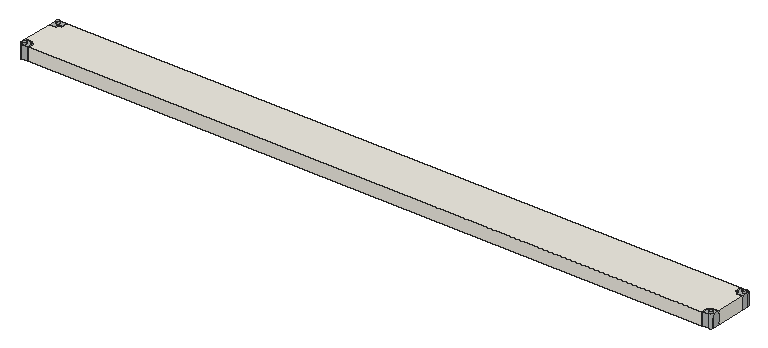
Revit family "HIGHTECH", category Осветительные приборы, Revit 2019 (continued)
Types (32, lengths in mm): name | Файл фотометрической сетки | built-in parameter 1150105 | Lumens | built-in parameter 1150106 | built-in parameter 1150142 | Wattage | Emit from Rectangle Width | Emit from Rectangle Length | Длина | Ширина | ADSK_Ток | ADSK_Полная мощность | ADSK_Обозначение | ADSK_Номинальная мощность | ADSK_Наименование | ADSK_Масса | ADSK_Код изделия
  Hightech-38/opal-sand 160х1195 (IP54, 4000К, белый) c БАП на 1 час | "Светильник HIGHTECH-38 OPAL-SAND-(160x1195).IES" | 262.61 (stored number, unit not read) | 3300 lm | 2.6261 (stored number, unit not read) | "IESNA:LM-63-95\r\n[TEST] Протокол № 50-4\r\n[DATA] 08.06.2016\r\n[MORE] \r\n[MANUFAC] ЗАО \"Центрстройсвет\"\r\n[LUMCAT]  Светильник HIGHTECH-38/OPAL-SAND-(160x1195)\r\n[LUMINAIRE]\r\n[LAMPCAT] Светодиоды\r\n[LAMP] Поток источника света (светодиодов) не известен\r\n[MORE] КСС приведена в абсолютных величинах кд\r\n[MORE] Вместо потока лампы, указан поток светильника.\r\nTILT=NONE\r\n1    3290 1.0 37 73 1 2 0.16 1.195 0.04\r\n1.0 1.0 37.0\r\n0.0 5.0 10.0 15.0 20.0 25.0 30.0 35.0 40.0 45.0 50.0 55.0 60.0 65.0 70.0 75.0 80.0 85.0 90.0 95.0 100.0 105.0 110.0 115.0 120.0 125.0 130.0 135.0 140.0 145.0 150.0 155.0 160.0 165.0 170.0 175.0 180.0\r\n0.0 5.0 10.0 15.0 20.0 25.0 30.0 35.0 40.0 45.0 50.0 55.0 60.0 65.0 70.0 75.0 80.0 85.0 90.0 95.0 100.0 105.0 110.0 115.0 120.0 125.0 130.0 135.0 140.0 145.0 150.0 155.0 160.0 165.0 170.0 175.0 180.0 185.0 190.0 195.0 200.0 205.0 210.0 215.0 220.0 225.0 230.0 235.0 240.0 245.0 250.0 255.0 260.0 265.0 270.0 275.0 280.0 285.0 290.0 295.0 300.0 305.0 310.0 315.0 320.0 325.0 330.0 335.0 340.0 345.0 350.0 355.0 360.0\r\n1253.2 1246.2 1227.5 1186.2 1134.3 1080.2 1008.5 929.2 845.7 758.1 667.9 573.0 479.1 384.2 290.6 200.4 117.7 47.8 2.1 0.0 0.0 0.0 0.0 0.0 0.0 0.0 0.0 0.0 0.0 0.0 0.0 0.0 0.0 0.0 0.0 0.0 0.0\r\n1253.2 1247.0 1225.7 1188.1 1138.8 1075.1 1004.9 931.9 847.2 757.9 668.1 572.7 477.5 384.0 290.6 200.6 118.4 47.9 2.2 0.0 0.0 0.0 0.0 0.0 0.0 0.0 0.0 0.0 0.0 0.0 0.0 0.0 0.0 0.0 0.0 0.0 0.0\r\n1253.2 1248.1 1227.0 1185.9 1138.7 1078.3 1008.7 929.5 848.8 757.9 669.3 574.6 479.7 385.0 291.5 201.5 119.2 48.1 2.2 0.0 0.0 0.0 0.0 0.0 0.0 0.0 0.0 0.0 0.0 0.0 0.0 0.0 0.0 0.0 0.0 0.0 0.0\r\n1253.2 1248.7 1224.9 1187.5 1138.8 1079.1 1011.1 932.8 850.1 760.3 670.1 574.8 481.5 384.6 292.5 203.1 120.2 49.1 2.2 0.0 0.0 0.0 0.0 0.0 0.0 0.0 0.0 0.0 0.0 0.0 0.0 0.0 0.0 0.0 0.0 0.0 0.0\r\n1253.2 1248.6 1224.1 1190.2 1142.9 1083.0 1011.7 935.9 852.7 763.2 669.8 577.6 482.8 388.3 295.5 202.6 121.0 49.8 2.2 0.0 0.0 0.0 0.0 0.0 0.0 0.0 0.0 0.0 0.0 0.0 0.0 0.0 0.0 0.0 0.0 0.0 0.0\r\n1253.2 1248.4 1225.5 1191.0 1146.1 1082.8 1013.2 936.9 854.2 764.3 675.0 579.1 483.7 388.4 293.4 203.8 122.5 49.7 2.4 0.0 0.0 0.0 0.0 0.0 0.0 0.0 0.0 0.0 0.0 0.0 0.0 0.0 0.0 0.0 0.0 0.0 0.0\r\n1253.2 1248.8 1225.9 1190.7 1143.4 1085.3 1015.6 938.4 853.9 767.8 671.8 579.7 486.4 388.3 294.9 205.4 123.4 50.5 2.6 0.0 0.0 0.0 0.0 0.0 0.0 0.0 0.0 0.0 0.0 0.0 0.0 0.0 0.0 0.0 0.0 0.0 0.0\r\n1253.2 1249.7 1225.4 1191.0 1146.5 1088.4 1018.1 941.5 856.1 769.2 678.8 582.6 486.9 391.1 298.4 205.6 124.3 51.6 2.9 0.0 0.0 0.0 0.0 0.0 0.0 0.0 0.0 0.0 0.0 0.0 0.0 0.0 0.0 0.0 0.0 0.0 0.0\r\n1253.2 1250.7 1226.2 1195.1 1146.0 1088.6 1022.5 943.4 860.2 770.2 679.5 584.7 488.6 391.1 298.3 206.4 125.5 52.0 2.8 0.0 0.0 0.0 0.0 0.0 0.0 0.0 0.0 0.0 0.0 0.0 0.0 0.0 0.0 0.0 0.0 0.0 0.0\r\n1253.2 1251.4 1229.0 1197.3 1147.4 1090.4 1020.0 944.8 861.9 772.2 680.2 585.5 491.0 394.2 298.2 209.3 124.9 53.8 2.8 0.0 0.0 0.0 0.0 0.0 0.0 0.0 0.0 0.0 0.0 0.0 0.0 0.0 0.0 0.0 0.0 0.0 0.0\r\n1253.2 1251.7 1229.9 1197.2 1148.0 1091.3 1021.2 946.6 862.9 774.0 683.3 586.3 492.2 397.0 299.0 212.0 125.4 53.6 2.9 0.0 0.0 0.0 0.0 0.0 0.0 0.0 0.0 0.0 0.0 0.0 0.0 0.0 0.0 0.0 0.0 0.0 0.0\r\n1253.2 1251.7 1230.1 1196.7 1150.6 1091.6 1025.1 945.2 861.6 776.4 685.1 590.9 495.4 394.8 302.4 211.8 125.2 55.5 3.1 0.0 0.0 0.0 0.0 0.0 0.0 0.0 0.0 0.0 0.0 0.0 0.0 0.0 0.0 0.0 0.0 0.0 0.0\r\n1253.2 1251.8 1230.0 1196.4 1152.9 1093.8 1023.7 948.4 862.3 776.2 686.9 589.6 495.4 398.5 303.1 208.9 129.0 55.0 3.6 0.0 0.0 0.0 0.0 0.0 0.0 0.0 0.0 0.0 0.0 0.0 0.0 0.0 0.0 0.0 0.0 0.0 0.0\r\n1253.2 1252.2 1231.4 1198.7 1155.6 1094.2 1023.7 946.5 861.5 778.3 686.0 592.0 496.3 400.2 302.7 214.1 128.1 55.7 3.1 0.0 0.0 0.0 0.0 0.0 0.0 0.0 0.0 0.0 0.0 0.0 0.0 0.0 0.0 0.0 0.0 0.0 0.0\r\n1253.2 1252.3 1232.3 1199.1 1154.1 1095.9 1025.8 946.2 866.0 777.5 685.5 591.7 494.4 400.1 306.1 211.6 130.1 57.1 2.8 0.0 0.0 0.0 0.0 0.0 0.0 0.0 0.0 0.0 0.0 0.0 0.0 0.0 0.0 0.0 0.0 0.0 0.0\r\n1253.2 1251.6 1231.1 1199.5 1152.2 1093.5 1023.3 946.3 866.7 775.6 685.0 591.8 492.9 400.3 304.9 211.5 127.2 59.3 4.3 0.0 0.0 0.0 0.0 0.0 0.0 0.0 0.0 0.0 0.0 0.0 0.0 0.0 0.0 0.0 0.0 0.0 0.0\r\n1253.2 1250.8 1231.0 1199.3 1151.9 1093.0 1026.2 947.8 871.7 777.6 687.3 590.5 494.7 400.9 305.6 212.4 128.2 57.4 4.8 0.0 0.0 0.0 0.0 0.0 0.0 0.0 0.0 0.0 0.0 0.0 0.0 0.0 0.0 0.0 0.0 0.0 0.0\r\n1253.2 1250.0 1230.0 1195.8 1148.2 1094.9 1026.3 951.8 867.0 783.3 687.0 594.1 496.5 399.6 305.7 213.3 129.8 57.2 3.9 0.0 0.0 0.0 0.0 0.0 0.0 0.0 0.0 0.0 0.0 0.0 0.0 0.0 0.0 0.0 0.0 0.0 0.0\r\n1253.2 1249.2 1229.3 1195.6 1148.6 1091.3 1021.5 945.9 861.4 777.9 686.0 588.6 493.2 400.2 302.2 211.7 129.6 56.8 3.7 0.0 0.0 0.0 0.0 0.0 0.0 0.0 0.0 0.0 0.0 0.0 0.0 0.0 0.0 0.0 0.0 0.0 0.0\r\n1253.2 1248.3 1228.4 1192.5 1144.0 1087.6 1016.8 941.5 861.9 773.3 684.4 586.8 490.8 397.1 303.0 209.8 126.4 58.3 4.3 0.0 0.0 0.0 0.0 0.0 0.0 0.0 0.0 0.0 0.0 0.0 0.0 0.0 0.0 0.0 0.0 0.0 0.0\r\n1253.2 1247.3 1226.4 1192.4 1143.7 1084.4 1017.9 942.5 863.3 772.4 683.0 589.7 491.6 397.9 303.2 210.7 127.5 55.5 3.2 0.0 0.0 0.0 0.0 0.0 0.0 0.0 0.0 0.0 0.0 0.0 0.0 0.0 0.0 0.0 0.0 0.0 0.0\r\n1253.2 1246.1 1226.5 1190.5 1144.0 1085.0 1017.8 942.1 860.2 774.1 681.1 586.6 490.0 395.2 301.7 208.4 125.5 55.7 3.8 0.0 0.0 0.0 0.0 0.0 0.0 0.0 0.0 0.0 0.0 0.0 0.0 0.0 0.0 0.0 0.0 0.0 0.0\r\n1253.2 1245.3 1227.7 1191.4 1141.6 1083.0 1015.3 941.2 858.2 770.1 677.5 584.8 487.2 391.9 300.2 207.9 123.8 54.7 2.5 0.0 0.0 0.0 0.0 0.0 0.0 0.0 0.0 0.0 0.0 0.0 0.0 0.0 0.0 0.0 0.0 0.0 0.0\r\n1253.2 1245.0 1224.5 1188.8 1139.2 1081.8 1015.0 935.9 855.1 769.1 677.8 581.4 486.6 391.3 297.0 207.1 123.5 54.3 2.5 0.0 0.0 0.0 0.0 0.0 0.0 0.0 0.0 0.0 0.0 0.0 0.0 0.0 0.0 0.0 0.0 0.0 0.0\r\n1253.2 1244.8 1224.4 1188.1 1140.6 1079.1 1012.4 937.1 851.5 765.6 671.7 582.1 485.9 386.4 297.1 204.0 122.3 52.7 2.3 0.0 0.0 0.0 0.0 0.0 0.0 0.0 0.0 0.0 0.0 0.0 0.0 0.0 0.0 0.0 0.0 0.0 0.0\r\n1253.2 1244.4 1224.1 1186.6 1138.8 1079.5 1006.6 932.1 849.9 763.1 672.6 576.5 483.5 385.1 292.3 205.9 120.2 50.6 2.1 0.0 0.0 0.0 0.0 0.0 0.0 0.0 0.0 0.0 0.0 0.0 0.0 0.0 0.0 0.0 0.0 0.0 0.0\r\n1253.2 1244.1 1223.1 1187.3 1141.5 1079.0 1009.2 930.5 843.3 759.0 668.1 574.3 480.4 385.9 289.1 205.3 119.2 50.2 1.5 0.0 0.0 0.0 0.0 0.0 0.0 0.0 0.0 0.0 0.0 0.0 0.0 0.0 0.0 0.0 0.0 0.0 0.0\r\n1253.2 1243.9 1222.5 1185.7 1137.3 1078.6 1005.1 929.7 844.4 757.9 665.5 573.1 478.3 382.8 291.0 200.1 119.7 47.9 1.5 0.0 0.0 0.0 0.0 0.0 0.0 0.0 0.0 0.0 0.0 0.0 0.0 0.0 0.0 0.0 0.0 0.0 0.0\r\n1253.2 1243.5 1222.1 1185.2 1139.0 1075.9 1006.1 925.0 842.4 756.0 663.6 571.0 474.2 381.6 287.1 198.6 118.1 47.3 1.3 0.0 0.0 0.0 0.0 0.0 0.0 0.0 0.0 0.0 0.0 0.0 0.0 0.0 0.0 0.0 0.0 0.0 0.0\r\n1253.2 1242.9 1222.3 1186.5 1136.4 1077.1 1004.8 925.7 839.0 752.7 663.1 570.2 474.1 379.4 286.2 198.5 115.8 45.9 1.1 0.0 0.0 0.0 0.0 0.0 0.0 0.0 0.0 0.0 0.0 0.0 0.0 0.0 0.0 0.0 0.0 0.0 0.0\r\n1253.2 1242.2 1222.0 1184.3 1136.7 1074.4 1001.0 924.5 841.6 752.8 662.1 567.8 473.5 379.3 284.1 195.2 116.8 44.4 0.9 0.0 0.0 0.0 0.0 0.0 0.0 0.0 0.0 0.0 0.0 0.0 0.0 0.0 0.0 0.0 0.0 0.0 0.0\r\n1253.2 1241.7 1220.3 1183.2 1133.6 1075.2 1003.5 925.7 838.8 750.4 659.2 565.7 472.5 376.3 284.0 193.6 115.2 43.5 0.9 0.0 0.0 0.0 0.0 0.0 0.0 0.0 0.0 0.0 0.0 0.0 0.0 0.0 0.0 0.0 0.0 0.0 0.0\r\n1253.2 1241.4 1218.5 1184.3 1135.7 1073.2 1002.8 921.5 838.8 748.8 658.6 565.6 468.2 374.8 282.4 192.9 113.7 43.5 0.8 0.0 0.0 0.0 0.0 0.0 0.0 0.0 0.0 0.0 0.0 0.0 0.0 0.0 0.0 0.0 0.0 0.0 0.0\r\n1253.2 1241.4 1218.6 1183.1 1130.7 1071.2 999.0 920.3 835.8 750.7 658.1 563.0 469.5 374.5 280.7 191.7 112.7 42.7 0.7 0.0 0.0 0.0 0.0 0.0 0.0 0.0 0.0 0.0 0.0 0.0 0.0 0.0 0.0 0.0 0.0 0.0 0.0\r\n1253.2 1241.3 1217.8 1181.3 1131.6 1070.5 998.2 922.3 837.6 747.9 655.1 564.4 468.1 372.3 280.4 191.6 111.0 42.2 0.6 0.0 0.0 0.0 0.0 0.0 0.0 0.0 0.0 0.0 0.0 0.0 0.0 0.0 0.0 0.0 0.0 0.0 0.0\r\n1253.2 1241.0 1216.1 1181.3 1130.1 1067.2 998.7 919.4 839.2 746.8 655.1 564.1 466.7 372.3 280.2 191.4 110.2 42.1 0.6 0.0 0.0 0.0 0.0 0.0 0.0 0.0 0.0 0.0 0.0 0.0 0.0 0.0 0.0 0.0 0.0 0.0 0.0\r\n1253.2 1240.4 1215.6 1179.7 1131.7 1069.3 996.7 921.0 835.4 746.9 655.8 561.8 467.8 371.7 279.1 190.4 110.2 41.6 0.6 0.0 0.0 0.0 0.0 0.0 0.0 0.0 0.0 0.0 0.0 0.0 0.0 0.0 0.0 0.0 0.0 0.0 0.0\r\n1253.2 1239.5 1216.6 1179.0 1129.6 1067.7 998.0 916.4 834.1 745.2 656.0 562.7 466.5 373.0 278.9 190.0 109.6 41.5 0.6 0.0 0.0 0.0 0.0 0.0 0.0 0.0 0.0 0.0 0.0 0.0 0.0 0.0 0.0 0.0 0.0 0.0 0.0\r\n1253.2 1239.0 1216.7 1177.5 1129.3 1069.9 998.7 918.3 834.7 746.3 653.6 561.1 467.4 372.8 278.3 191.1 109.9 41.4 0.6 0.0 0.0 0.0 0.0 0.0 0.0 0.0 0.0 0.0 0.0 0.0 0.0 0.0 0.0 0.0 0.0 0.0 0.0\r\n1253.2 1239.5 1216.7 1178.7 1129.2 1067.3 998.6 919.3 834.7 748.6 655.2 562.4 466.3 372.8 279.4 191.2 110.4 41.4 0.7 0.0 0.0 0.0 0.0 0.0 0.0 0.0 0.0 0.0 0.0 0.0 0.0 0.0 0.0 0.0 0.0 0.0 0.0\r\n1253.2 1240.6 1216.6 1180.1 1128.8 1068.4 994.8 917.9 836.9 745.7 654.9 561.1 466.7 372.1 280.2 190.2 111.7 41.8 0.8 0.0 0.0 0.0 0.0 0.0 0.0 0.0 0.0 0.0 0.0 0.0 0.0 0.0 0.0 0.0 0.0 0.0 0.0\r\n1253.2 1241.2 1216.1 1179.9 1127.4 1065.9 996.0 919.2 835.3 746.0 655.8 563.8 468.6 375.3 281.2 191.3 113.1 42.3 0.9 0.0 0.0 0.0 0.0 0.0 0.0 0.0 0.0 0.0 0.0 0.0 0.0 0.0 0.0 0.0 0.0 0.0 0.0\r\n1253.2 1241.0 1216.3 1176.6 1129.1 1067.9 995.3 921.4 836.5 750.5 659.1 565.1 472.3 374.2 282.1 193.4 114.1 42.9 1.0 0.0 0.0 0.0 0.0 0.0 0.0 0.0 0.0 0.0 0.0 0.0 0.0 0.0 0.0 0.0 0.0 0.0 0.0\r\n1253.2 1240.9 1216.4 1179.2 1127.6 1067.9 999.6 922.8 840.5 750.6 659.2 565.9 471.1 376.1 284.7 194.3 114.0 43.6 1.1 0.0 0.0 0.0 0.0 0.0 0.0 0.0 0.0 0.0 0.0 0.0 0.0 0.0 0.0 0.0 0.0 0.0 0.0\r\n1253.2 1241.1 1216.1 1182.2 1131.4 1067.7 1001.1 924.3 841.6 753.0 661.5 569.1 473.5 377.1 284.8 195.9 116.1 44.9 1.0 0.0 0.0 0.0 0.0 0.0 0.0 0.0 0.0 0.0 0.0 0.0 0.0 0.0 0.0 0.0 0.0 0.0 0.0\r\n1253.2 1241.0 1215.7 1178.5 1126.3 1066.3 1000.7 925.3 843.0 754.9 662.8 570.6 473.8 381.2 285.7 197.9 115.6 46.3 1.0 0.0 0.0 0.0 0.0 0.0 0.0 0.0 0.0 0.0 0.0 0.0 0.0 0.0 0.0 0.0 0.0 0.0 0.0\r\n1253.2 1240.6 1216.9 1179.9 1130.2 1069.8 1003.0 926.7 841.9 755.2 665.8 571.2 478.8 381.2 287.4 199.7 116.2 48.7 1.2 0.0 0.0 0.0 0.0 0.0 0.0 0.0 0.0 0.0 0.0 0.0 0.0 0.0 0.0 0.0 0.0 0.0 0.0\r\n1253.2 1240.2 1217.8 1181.5 1132.1 1074.5 1004.8 929.2 844.5 758.5 667.0 573.0 480.0 385.0 289.8 201.9 116.8 49.9 1.8 0.0 0.0 0.0 0.0 0.0 0.0 0.0 0.0 0.0 0.0 0.0 0.0 0.0 0.0 0.0 0.0 0.0 0.0\r\n1253.2 1240.0 1217.8 1181.0 1132.5 1073.7 1006.5 927.4 845.6 762.4 670.0 575.5 480.5 385.9 289.4 203.7 119.7 48.6 2.2 0.0 0.0 0.0 0.0 0.0 0.0 0.0 0.0 0.0 0.0 0.0 0.0 0.0 0.0 0.0 0.0 0.0 0.0\r\n1253.2 1240.1 1217.6 1182.8 1133.1 1076.6 1007.5 930.0 846.5 762.7 668.8 577.0 482.3 389.1 292.7 202.8 123.7 49.1 1.8 0.0 0.0 0.0 0.0 0.0 0.0 0.0 0.0 0.0 0.0 0.0 0.0 0.0 0.0 0.0 0.0 0.0 0.0\r\n1253.2 1240.7 1218.2 1183.4 1135.8 1075.9 1012.2 932.5 849.2 763.2 670.4 578.3 484.0 386.6 296.5 204.3 120.7 52.9 1.5 0.0 0.0 0.0 0.0 0.0 0.0 0.0 0.0 0.0 0.0 0.0 0.0 0.0 0.0 0.0 0.0 0.0 0.0\r\n1253.2 1241.9 1218.2 1184.0 1135.3 1079.4 1008.5 935.4 854.3 762.1 675.0 581.5 483.5 390.0 296.7 205.3 122.0 52.4 2.7 0.0 0.0 0.0 0.0 0.0 0.0 0.0 0.0 0.0 0.0 0.0 0.0 0.0 0.0 0.0 0.0 0.0 0.0\r\n1253.2 1243.2 1219.3 1183.9 1135.5 1077.7 1013.9 936.1 854.3 766.4 675.2 581.0 485.9 389.4 297.6 206.4 122.6 54.2 3.1 0.0 0.0 0.0 0.0 0.0 0.0 0.0 0.0 0.0 0.0 0.0 0.0 0.0 0.0 0.0 0.0 0.0 0.0\r\n1253.2 1244.0 1222.4 1184.1 1138.0 1078.9 1011.1 936.7 854.8 768.1 677.4 581.9 486.5 391.6 297.0 207.3 125.4 53.2 2.1 0.0 0.0 0.0 0.0 0.0 0.0 0.0 0.0 0.0 0.0 0.0 0.0 0.0 0.0 0.0 0.0 0.0 0.0\r\n1253.2 1245.1 1223.0 1185.9 1136.6 1078.1 1013.2 934.0 852.8 768.3 673.3 580.9 485.6 389.0 296.7 206.9 123.9 53.7 2.4 0.0 0.0 0.0 0.0 0.0 0.0 0.0 0.0 0.0 0.0 0.0 0.0 0.0 0.0 0.0 0.0 0.0 0.0\r\n1253.2 1246.5 1221.7 1184.4 1137.6 1081.8 1014.6 939.7 852.6 767.0 674.1 582.3 486.0 392.8 300.8 207.8 123.0 54.8 3.5 0.0 0.0 0.0 0.0 0.0 0.0 0.0 0.0 0.0 0.0 0.0 0.0 0.0 0.0 0.0 0.0 0.0 0.0\r\n1253.2 1247.3 1220.9 1185.7 1134.8 1076.8 1013.3 936.0 854.4 763.6 674.5 580.5 485.8 392.0 298.4 206.3 125.4 54.8 3.5 0.0 0.0 0.0 0.0 0.0 0.0 0.0 0.0 0.0 0.0 0.0 0.0 0.0 0.0 0.0 0.0 0.0 0.0\r\n1253.2 1247.3 1220.0 1183.6 1137.4 1077.7 1008.6 934.0 851.9 764.5 674.6 582.7 486.3 390.6 297.8 207.3 122.1 55.5 2.7 0.0 0.0 0.0 0.0 0.0 0.0 0.0 0.0 0.0 0.0 0.0 0.0 0.0 0.0 0.0 0.0 0.0 0.0\r\n1253.2 1246.8 1218.3 1185.0 1134.6 1074.3 1009.0 934.4 851.3 764.4 672.5 583.8 483.7 389.6 297.1 206.6 124.9 52.8 3.1 0.0 0.0 0.0 0.0 0.0 0.0 0.0 0.0 0.0 0.0 0.0 0.0 0.0 0.0 0.0 0.0 0.0 0.0\r\n1253.2 1246.1 1219.3 1182.3 1135.7 1077.7 1009.0 933.8 849.1 763.5 673.4 578.9 484.7 389.4 295.7 207.6 122.6 53.6 3.1 0.0 0.0 0.0 0.0 0.0 0.0 0.0 0.0 0.0 0.0 0.0 0.0 0.0 0.0 0.0 0.0 0.0 0.0\r\n1253.2 1245.5 1221.2 1184.2 1134.1 1074.3 1008.5 932.6 849.3 764.8 671.3 578.2 486.2 386.3 296.1 205.6 122.8 53.1 2.6 0.0 0.0 0.0 0.0 0.0 0.0 0.0 0.0 0.0 0.0 0.0 0.0 0.0 0.0 0.0 0.0 0.0 0.0\r\n1253.2 1245.3 1222.3 1181.3 1137.1 1078.8 1006.0 929.4 850.7 761.6 669.5 576.3 483.0 387.3 293.8 206.9 120.4 52.8 2.5 0.0 0.0 0.0 0.0 0.0 0.0 0.0 0.0 0.0 0.0 0.0 0.0 0.0 0.0 0.0 0.0 0.0 0.0\r\n1253.2 1245.4 1220.5 1184.2 1133.6 1075.2 1009.5 932.6 848.6 757.7 670.4 574.2 481.9 385.5 294.7 204.1 122.8 51.6 2.3 0.0 0.0 0.0 0.0 0.0 0.0 0.0 0.0 0.0 0.0 0.0 0.0 0.0 0.0 0.0 0.0 0.0 0.0\r\n1253.2 1245.3 1220.7 1182.4 1138.5 1074.4 1007.3 928.9 845.9 758.6 667.3 577.0 480.3 385.2 292.5 202.1 122.2 50.0 2.5 0.0 0.0 0.0 0.0 0.0 0.0 0.0 0.0 0.0 0.0 0.0 0.0 0.0 0.0 0.0 0.0 0.0 0.0\r\n1253.2 1245.1 1219.5 1182.9 1136.0 1077.5 1004.9 927.6 844.3 760.3 666.7 573.3 477.6 388.0 290.0 204.5 120.6 50.1 2.2 0.0 0.0 0.0 0.0 0.0 0.0 0.0 0.0 0.0 0.0 0.0 0.0 0.0 0.0 0.0 0.0 0.0 0.0\r\n1253.2 1245.4 1221.4 1184.0 1135.0 1076.2 1007.0 927.5 848.0 756.8 666.9 574.1 479.2 385.1 290.6 202.4 121.3 48.9 2.1 0.0 0.0 0.0 0.0 0.0 0.0 0.0 0.0 0.0 0.0 0.0 0.0 0.0 0.0 0.0 0.0 0.0 0.0\r\n1253.2 1245.8 1222.8 1182.5 1134.6 1074.6 1006.5 931.3 844.1 755.4 665.5 574.0 477.8 384.3 291.6 201.6 119.6 48.1 2.1 0.0 0.0 0.0 0.0 0.0 0.0 0.0 0.0 0.0 0.0 0.0 0.0 0.0 0.0 0.0 0.0 0.0 0.0\r\n1253.2 1246.3 1222.6 1182.5 1135.6 1074.3 1006.0 928.3 846.9 757.8 665.0 572.1 477.5 383.3 290.2 200.0 118.4 47.3 2.1 0.0 0.0 0.0 0.0 0.0 0.0 0.0 0.0 0.0 0.0 0.0 0.0 0.0 0.0 0.0 0.0 0.0 0.0\r\n1253.2 1247.0 1224.6 1182.1 1135.8 1074.9 1003.5 929.0 846.9 758.5 665.1 572.3 475.9 383.2 288.8 199.7 118.7 47.1 2.1 0.0 0.0 0.0 0.0 0.0 0.0 0.0 0.0 0.0 0.0 0.0 0.0 0.0 0.0 0.0 0.0 0.0 0.0\r\n1253.2 1247.6 1222.3 1183.0 1134.1 1073.0 1003.8 928.7 844.0 759.1 665.7 570.0 477.0 383.9 288.2 200.0 118.2 47.4 2.1 0.0 0.0 0.0 0.0 0.0 0.0 0.0 0.0 0.0 0.0 0.0 0.0 0.0 0.0 0.0 0.0 0.0 0.0\r\n1253.2 1247.3 1222.8 1183.5 1131.8 1076.8 1003.8 927.4 845.0 753.8 664.0 572.2 476.8 383.2 289.4 200.5 117.8 47.2 2.2 0.0 0.0 0.0 0.0 0.0 0.0 0.0 0.0 0.0 0.0 0.0 0.0 0.0 0.0 0.0 0.0 0.0 0.0\r\n1253.2 1246.4 1225.8 1185.8 1133.6 1077.4 1005.5 928.8 844.9 757.8 665.7 573.3 477.7 383.5 289.5 200.5 117.6 47.3 2.2 0.0 0.0 0.0 0.0 0.0 0.0 0.0 0.0 0.0 0.0 0.0 0.0 0.0 0.0 0.0 0.0 0.0 0.0\r\n1253.2 1246.2 1227.5 1186.2 1134.3 1080.2 1008.5 929.2 845.7 758.1 667.9 573.0 479.1 384.2 290.6 200.4 117.7 47.8 2.1 0.0 0.0 0.0 0.0 0.0 0.0 0.0 0.0 0.0 0.0 0.0 0.0 0.0 0.0 0.0 0.0 0.0 0.0\r\n" | 22.2159 W | 120 | 1155 | 1195 | 160 | 0.179584 A | 41.3043 VA | "Hightech-38/opal-sand 160х1195 (IP54, 4000К, белый)" | 38 W | "Универсальный светодиодный светильник Hightech-38/opal-sand 160х1195 (IP54, 4000К, белый) c БАП на 1 час" | 1.6 | "ЦБ000007731"
